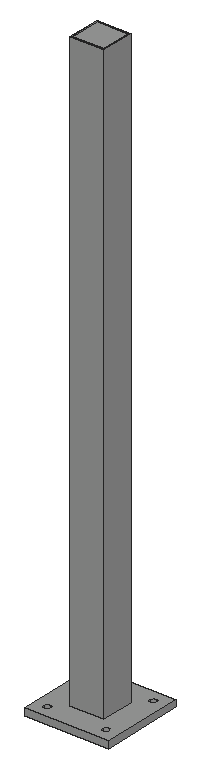
Revit family "Faux_Concrete_Panel_Post", category Specialty Equipment, Revit 2026
Family settings
  Round Connector Dimension = Use Diameter
  Part Type = Normal
  Classification Number = 23.55.00.00
  Work Plane-Based = No
  Enable Cutting in Views = No
  Always vertical = No
  Cut with Voids When Loaded = No
  Maintain Annotation Orientation = No
  Shared = No
  Room Calculation Point = No
Parameters (values of type "Assembly")
  Warranty URL = "https://palmshieldlouvers.com/wp-content/uploads/2020/01/PalmSHIELD-Warranty-NO-SIGN-LINE.pdf"
  Version = "2020 - v1.0a"  # constant formula
  URL = "https://palmshieldlouvers.com/"
  Product Page URL = "https://palmshieldlouvers.com/products/brick-infill/"
  Product Documentation Link = "Contact Manufacturer for More Information"
  Model = "Faux Concrete"  # constant formula
  Material = Metal - PalmSHIELD - Dusty Grey
  Manufacturer Phone Number = "531-329-4406 "  # constant formula
  Manufacturer Email = "mailto: info@palmshieldlouvers.com"
  Manufacturer Address = "12330 Cary Circle, La Vista, NE 68128"  # constant formula
  Manufacturer = "PalmSHIELD"  # constant formula
  Keynote = "05 10 00"
  Instruction Sheet Link = "https://palmshieldlouvers.com/wp-content/uploads/2020/01/PalmSHIELD-Post-Panel-Gate-Installation-Instructions-REV-1.pdf"
  ID [instance] = "Not Assigned"
  Height [instance] = if(Desired Overall Height < C Min Height, C Min Height, if(Desired Overall Height > C Max Height, C Max Height, Desired Overall Height))  # 6' - 0"
  Desired Overall Height [instance] = 6' - 0"
  Description = "Faux Concrete - Square Post"  # constant formula
  Default Elevation = 0' - 0"
  Copyright = "Copyright ©2024 The American Fence Company and PalmSHIELD. All Rights Reserved."  # constant formula
  Component Vis [instance] = yes
  Component Name [instance] = "Faux Concrete - Square Post"  # constant formula
  C Post Width = 0' - 4"  # constant formula
  C Min Height [instance] = 3' - 4"  # constant formula
  C Max Height [instance] = 12' - 0"  # constant formula
  Assembly Code = "F1020100"
Reference planes (in)
  plane 1 "Center (Front/Back)": y = 0
  plane 2: z = 0
  plane 3 "Center (Left/Right)": x = 0
  plane 4: z = 72
  plane 5: y = 2
  plane 6: y = -2
  plane 7: x = 2
  plane 8: x = -2
Lines and regions (in)
  reference lines
    curve 1: line (-24.29961, 0, 72) -> (24.70039, 0, 72)
Dimensions and locks (in)
  "Desired Overall Height": curve 1 to plane 2
  "Height": plane 4 to plane 2
  equal spacing: plane 8, plane 3 "Center (Left/Right)", plane 7
  equal spacing: plane 5, plane 1 "Center (Front/Back)", plane 6
  "C Post Width": plane 5 to plane 6
  "C Post Width": plane 8 to plane 7
  aligned and locked: plane 2 to level
Automatic sketch dimensions
  curve 1 to plane 8 = 1' - 10.29961"
  curve 1 to plane 7 = 1' - 10.70039"
Nested families (in)
  nested 1: "Screening-Louver-Assembly-Post-Palmshield-Faux_Concrete" at (0, 0, 0), Desired Overall Height <- "Desired Overall Height", ID <- "ID", Component Vis <- "Component Vis", type "Assembly"
    with Overall Height 6' - 0", ID "Not Assigned", Desired Overall Height 6' - 0", Component Vis yes, Component Name "Faux Concrete - Post Assembly"
  nested 2: "Nested_Component-Base_Plate-Palmshield-Faux_Concrete" at (0, 0, 0), type "10" x 10" x 3/4""
    with Material Metal - PalmSHIELD - Dusty Grey, ID "Not Assigned", Component Name "Faux Brick - Aluminum - Base Plate"
  nested 3: "Nested_Component-Square_Post-Aluminum-Palmshield-Faux_Concrete" at (0, 0, 0.75), type "4" X 4" X 1/8" SQ. TUBE"
    with Material Metal - PalmSHIELD - Dusty Grey, Length 5' - 11 1/4", ID "Not Assigned", Component Name "Faux Brick - Aluminum - Square Post"
  nested 4: "Nested_Component-Top_Cap-Palmshield-Faux_Concrete" at (0, 0, 72) x (1, 0, 0) z (0, 0, -1), type "3 3/4" x 3 3/4" x 1/8""
    with Material Metal - PalmSHIELD - Dusty Grey, ID "Not Assigned", Component Name "Faux Brick - Aluminum - Square Top Cap"
Definition of nested family "Nested_Component-Base_Plate-Palmshield-Faux_Concrete"
  Parameters (values of type "10" x 10" x 3/4"")
    Width = if(Constraints = 1, 0' 10", 1' 2")  # 0' - 10"
    Warranty URL = "https://palmshieldlouvers.com/wp-content/uploads/2020/01/PalmSHIELD-Warranty-NO-SIGN-LINE.pdf"
    Version = "2020 - v1.0a"  # constant formula
    URL = "https://palmshieldlouvers.com/"
    Thickness = 0' - 0 3/4"  # constant formula
    Product Page URL = "https://palmshieldlouvers.com/products/brick-infill/"
    Product Documentation Link = "Contact Manufacturer for More Information"
    Model = "Faux Brick"  # constant formula
    Material [instance] = none
    Manufacturer Phone Number = "531-329-4406 "  # constant formula
    Manufacturer Fax Number = "Consult Manufacturer Website for More Information"  # constant formula
    Manufacturer Email = "mailto: info@palmshieldlouvers.com"
    Manufacturer Address = "12330 Cary Circle, La Vista, NE 68128"  # constant formula
    Manufacturer = "PalmSHIELD"  # constant formula
    Keynote = "05 10 00"
    Instruction Sheet Link = "http://palmshieldlouvers.com/wp-content/uploads/2020/01/PalmSHIELD-Post-Panel-Gate-Installation-Instructions-REV-1.pdf"
    ID [instance] = ""
    Hole Diameter = 0' - 0 3/4"  # constant formula
    Height = 0' - 10"  # constant formula
    Description = "Faux Brick - Base Plate"  # constant formula
    Default Elevation = 4' - 0"
    Copyright = "Copyright ©2024 The American Fence Company and PalmSHIELD. All Rights Reserved."  # constant formula
    Constraints = 1
    Component Name [instance] = "Faux Brick - Aluminum - Base Plate"  # constant formula
    C Hole Offset = 0' - 1 1/2"  # constant formula
    Assembly Code = "F1020100"
  Reference planes (in)
    plane 1 "Center (Front/Back)": y = 0
    plane 2: z = 0
    plane 3 "Center (Left/Right)": x = 0
    plane 4: y = 5
    plane 5: x = 5
    plane 6: y = -5
    plane 7: x = -5
    plane 8: z = 0.75
  Forms (in)
    Extrusion 1, solid
      sketch origin (0, 0, 0) x (1, 0, 0) y (0, 1, 0)
        loop
          line (-48, 48) -> (-48, -48) -> (48, -48) -> (48, 48) -> (-48, 48)
      from 0 to -12
    Extrusion 2, solid, material <- "Material"
      sketch origin (0, 0, 0) x (1, 0, 0) y (0, 1, 0)
        loop
          line (-5, 5) -> (-5, -5) -> (5, -5) -> (5, 5) -> (-5, 5)
        loop
          circle (-3.5, 3.5) r 0.375
        loop
          circle (3.5, 3.5) r 0.375
        loop
          circle (-3.5, -3.5) r 0.375
        loop
          circle (3.5, -3.5) r 0.375
      from 0 to 0.75
  Dimensions and locks (in)
    equal spacing: plane 7, plane 3 "Center (Left/Right)", plane 5
    equal spacing: plane 4, plane 1 "Center (Front/Back)", plane 6
    "Width": plane 7 to plane 5
    "Height": plane 4 to plane 6
    "C Hole Offset": plane 7 to Extrusion 2 sketch curve  (x2)
    "C Hole Offset": Extrusion 2 sketch curve to plane 5  (x2)
    "C Hole Offset": plane 4 to Extrusion 2 sketch curve  (x2)
    "C Hole Offset": plane 6 to Extrusion 2 sketch curve  (x2)
    "Thickness": plane 8 to plane 2
    "Width": Extrusion 2 to Extrusion 2
    "Hole Diameter": diameter of Extrusion 2 sketch curve  (x4)
    aligned and locked: plane 2 to Extrusion 1
    aligned and locked: level to Extrusion 1
    aligned and locked: Extrusion 2 sketch curve to plane 4
    aligned and locked: plane 7 to Extrusion 2 sketch curve
    aligned and locked: Extrusion 2 sketch curve to plane 6
    aligned and locked: Extrusion 2 sketch curve to plane 5
    aligned and locked: plane 8 to Extrusion 2
  Automatic sketch dimensions
    Extrusion 1 sketch curve to Extrusion 1 sketch curve = 8' - 0"  (x2)
Definition of nested family "Nested_Component-Square_Post-Aluminum-Palmshield-Faux_Concrete"
  Parameters (values of type "4" X 4" X 1/8" SQ. TUBE")
    Width = 0' - 4"  # constant formula
    Warranty URL = "https://palmshieldlouvers.com/wp-content/uploads/2020/01/PalmSHIELD-Warranty-NO-SIGN-LINE.pdf"
    Version = "2020 - v1.0a"  # constant formula
    URL = "https://palmshieldlouvers.com/"
    Thickness = 0' - 0 1/8"  # constant formula
    Product Page URL = "https://palmshieldlouvers.com/products/brick-infill/"
    Product Documentation Link = "Contact Manufacturer for More Information"
    Model = "Faux Brick"  # constant formula
    Material [instance] = none
    Manufacturer Phone Number = "531-329-4406 "  # constant formula
    Manufacturer Fax Number = "Consult Manufacturer Website for More Information"  # constant formula
    Manufacturer Email = "mailto: info@palmshieldlouvers.com"
    Manufacturer Address = "12330 Cary Circle, La Vista, NE 68128"  # constant formula
    Manufacturer = "PalmSHIELD"  # constant formula
    Length [instance] = 4' - 4.86713"
    Keynote = "05 10 00"
    Instruction Sheet Link = "http://palmshieldlouvers.com/wp-content/uploads/2020/01/PalmSHIELD-Post-Panel-Gate-Installation-Instructions-REV-1.pdf"
    ID [instance] = ""
    Description = "Faux Brick - Post"  # constant formula
    Default Elevation = 4' - 0"
    Copyright = "Copyright ©2024 The American Fence Company and PalmSHIELD. All Rights Reserved."  # constant formula
    Component Name [instance] = "Faux Brick - Aluminum - Square Post"  # constant formula
    Assembly Code = "F1020100"
  Reference planes (in)
    plane 1 "Center (Front/Back)": y = 0
    plane 2: z = 0
    plane 3 "Center (Left/Right)": x = 0
    plane 4: z = 52.86713
    plane 5: x = 2
    plane 6: x = -2
  Forms (in)
    Extrusion 1, solid
      sketch origin (0, 0, 0) x (1, 0, 0) y (0, 1, 0)
        loop
          line (-48, 48) -> (-48, -48) -> (48, -48) -> (48, 48) -> (-48, 48)
      from 0 to -12
    Sweep 2, solid, material <- "Material"
      path origin (0, 0, 0) x (0, 1, 0) y (0, 0, 1)
        loop
          line (0, 0) -> (0, 52.86713)
      profile "Profile-Palmshield-Square : 4" X 4" X 1/8" SQ. TUBE" origin (0, 0, 26.43357) x (0, -1, 0) y (1, 0, 0)
        loop
          line (1.875, 1.875) -> (-1.875, 1.875) -> (-1.875, -1.875) -> (1.875, -1.875) -> (1.875, 1.875)
        loop
          line (-2, -2) -> (2, -2) -> (2, 2) -> (-2, 2) -> (-2, -2)
  Dimensions and locks (in)
    "Length": plane 4 to plane 2
    equal spacing: plane 5, plane 3 "Center (Left/Right)", plane 6
    "Width": plane 5 to plane 6
    aligned and locked: plane 2 to Extrusion 1
    aligned and locked: level to Extrusion 1
    aligned and locked: plane 1 "Center (Front/Back)" to Sweep 2 sketch curve
    aligned and locked: plane 4 to Sweep 2 sketch curve
  Automatic sketch dimensions
    Extrusion 1 sketch curve to Extrusion 1 sketch curve = 8' - 0"  (x2)
    Sweep 2 sketch curve to level = 0' - 0"
Definition of nested family "Nested_Component-Top_Cap-Palmshield-Faux_Concrete"
  Parameters (values of type "3 3/4" x 3 3/4" x 1/8"")
    Width = 0' 4" - 2 * Thickness  # 0' - 3 3/4"
    Warranty URL = "https://palmshieldlouvers.com/wp-content/uploads/2020/01/PalmSHIELD-Warranty-NO-SIGN-LINE.pdf"
    Version = "2020 - v1.0a"  # constant formula
    URL = "https://palmshieldlouvers.com/"
    Thickness = 0' - 0 1/8"  # constant formula
    Product Page URL = "https://palmshieldlouvers.com/products/brick-infill/"
    Product Documentation Link = "Contact Manufacturer for More Information"
    Model = "Faux Brick"  # constant formula
    Material [instance] = none
    Manufacturer Phone Number = "531-329-4406 "  # constant formula
    Manufacturer Fax Number = "Consult Manufacturer Website for More Information"  # constant formula
    Manufacturer Email = "mailto: info@palmshieldlouvers.com"
    Manufacturer Address = "12330 Cary Circle, La Vista, NE 68128"  # constant formula
    Manufacturer = "PalmSHIELD"  # constant formula
    Keynote = "05 10 00"
    Instruction Sheet Link = "http://palmshieldlouvers.com/wp-content/uploads/2020/01/PalmSHIELD-Post-Panel-Gate-Installation-Instructions-REV-1.pdf"
    ID [instance] = ""
    Description = "Faux Brick - Top Cap"  # constant formula
    Default Elevation = 4' - 0"
    Copyright = "Copyright ©2024 The American Fence Company and PalmSHIELD. All Rights Reserved."  # constant formula
    Component Name [instance] = "Faux Brick - Aluminum - Square Top Cap"  # constant formula
    Assembly Code = "F1020100"
  Reference planes (in)
    plane 1 "Center (Front/Back)": y = 0
    plane 2: z = 0
    plane 3 "Center (Left/Right)": x = 0
    plane 4: y = 1.875
    plane 5: x = 1.875
    plane 6: y = -1.875
    plane 7: x = -1.875
    plane 8: z = 0.125
  Forms (in)
    Extrusion 1, solid
      sketch origin (0, 0, 0) x (1, 0, 0) y (0, 1, 0)
        loop
          line (-48, 48) -> (-48, -48) -> (48, -48) -> (48, 48) -> (-48, 48)
      from 0 to -12
    Extrusion 2, solid, material <- "Material"
      sketch origin (0, 0, 0) x (1, 0, 0) y (0, 1, 0)
        loop
          line (-1.875, 1.875) -> (-1.875, -1.875) -> (1.875, -1.875) -> (1.875, 1.875) -> (-1.875, 1.875)
      from 0 to 0.125
  Dimensions and locks (in)
    equal spacing: plane 7, plane 3 "Center (Left/Right)", plane 5
    equal spacing: plane 4, plane 1 "Center (Front/Back)", plane 6
    "Width": plane 7 to plane 5
    "Width": plane 4 to plane 6
    "Thickness": plane 8 to plane 2
    aligned and locked: plane 2 to Extrusion 1
    aligned and locked: level to Extrusion 1
    aligned and locked: Extrusion 2 sketch curve to plane 4
    aligned and locked: plane 7 to Extrusion 2 sketch curve
    aligned and locked: Extrusion 2 sketch curve to plane 6
    aligned and locked: Extrusion 2 sketch curve to plane 5
    aligned and locked: plane 8 to Extrusion 2
  Automatic sketch dimensions
    Extrusion 1 sketch curve to Extrusion 1 sketch curve = 8' - 0"  (x2)
Definition of nested family "Screening-Louver-Assembly-Post-Palmshield-Faux_Concrete"
  Parameters (values of type "Assembly")
    Width = 0' - 4"  # constant formula
    Warranty URL = "https://palmshieldlouvers.com/wp-content/uploads/2020/01/PalmSHIELD-Warranty-NO-SIGN-LINE.pdf"
    Version = "2020 - v1.0a"  # constant formula
    URL = "https://palmshieldlouvers.com/"
    Top Cap Thickness = 0' - 0 1/8"  # constant formula
    Product Page URL = "https://palmshieldlouvers.com/products/brick-infill/"
    Product Documentation Link = "Contact Manufacturer for More Information"
    Overall Height [instance] = if(Desired Overall Height < 3' 0", 3' 0", if(Desired Overall Height > 12' 0", 12' 0", Desired Overall Height))  # 6' - 0"
    Model = "Faux Concrete"  # constant formula
    Material = none
    Manufacturer Phone Number = "531-329-4406 "  # constant formula
    Manufacturer Fax Number = "Consult Manufacturer Website for More Information"  # constant formula
    Manufacturer Email = "mailto: info@palmshieldlouvers.com"
    Manufacturer Address = "12330 Cary Circle, La Vista, NE 68128"  # constant formula
    Manufacturer = "PalmSHIELD"  # constant formula
    Keynote = "05 10 00"
    Instruction Sheet Link = "https://palmshieldlouvers.com/wp-content/uploads/2020/01/PalmSHIELD-Post-Panel-Gate-Installation-Instructions-REV-1.pdf"
    ID [instance] = "Not Assigned"
    Desired Overall Height [instance] = 6' - 0"
    Description = "Faux Concrete"  # constant formula
    Default Elevation = 4' - 0"
    Copyright = "Copyright ©2024 The American Fence Company and PalmSHIELD. All Rights Reserved."  # constant formula
    Component Vis [instance] = yes
    Component Name [instance] = "Faux Concrete - Post Assembly"  # constant formula
    Base Plate Thickness = 0' - 0 3/4"  # constant formula
    Assembly Code = "F1020100"
  Reference planes (in)
    plane 1 "Center (Front/Back)": y = 0
    plane 2: z = 0
    plane 3 "Center (Left/Right)": x = 0
    plane 4: x = 2
    plane 5: x = -2
    plane 6: z = 72
    plane 7: z = 2
  Forms (in)
    Extrusion 1, solid
      sketch origin (0, 0, 0) x (1, 0, 0) y (0, 1, 0)
        loop
          line (-48, 48) -> (-48, -48) -> (48, -48) -> (48, 48) -> (-48, 48)
      from 0 to -12
  Lines and regions (in)
    reference lines
      curve 1: line (-64.16684, 0, 72) -> (79.83316, 0, 72)
  Dimensions and locks (in)
    equal spacing: plane 4, plane 3 "Center (Left/Right)", plane 5
    "Width": plane 4 to plane 5
    plane 7 to plane 2 = 0' - 2"
    "Overall Height": plane 6 to plane 2
    "Desired Overall Height": curve 1 to plane 2
    plane 3 "Center (Left/Right)" to nested 2 = 0' - 0"
    plane 3 "Center (Left/Right)" to nested 3 = 0' - 0"
    aligned and locked: plane 2 to Extrusion 1
    aligned and locked: level to Extrusion 1
    aligned and locked: plane 1 "Center (Front/Back)" to nested 1
    aligned and locked: plane 1 "Center (Front/Back)" to nested 3
    aligned and locked: plane 6 to nested 2
    aligned and locked: plane 3 "Center (Left/Right)" to nested 1
  Automatic sketch dimensions
    Extrusion 1 sketch curve to Extrusion 1 sketch curve = 8' - 0"  (x2)
    curve 1 to plane 5 = 5' - 2.16684"
    plane 4 to curve 1 = 6' - 5.83316"
  Nested families (in)
    nested 1: "Nested_Component-Base_Plate-Palmshield-Faux_Concrete" at (0, 0, 0), ID <- "ID", Material <- "Material", visible <- "Component Vis", type "10" x 10" x 3/4""
      with Material none, ID "Not Assigned", Component Name "Faux Brick - Aluminum - Base Plate"
    nested 2: "Nested_Component-Square_Post-Aluminum-Palmshield-Faux_Concrete" at (0, 0, 0.75), ID <- "ID", Material <- "Material", visible <- "Component Vis", type "4" X 4" X 1/8" SQ. TUBE"
      with Material none, Length 5' - 11 1/4", ID "Not Assigned", Component Name "Faux Brick - Aluminum - Square Post"
    nested 3: "Nested_Component-Top_Cap-Palmshield-Faux_Concrete" at (0, 0, 72) x (1, 0, 0) z (0, 0, -1), ID <- "ID", Material <- "Material", visible <- "Component Vis", type "3 3/4" x 3 3/4" x 1/8""
      with Material none, ID "Not Assigned", Component Name "Faux Brick - Aluminum - Square Top Cap"
  Definition of nested family "Nested_Component-Base_Plate-Palmshield-Faux_Concrete"
    Parameters (values of type "10" x 10" x 3/4"")
      Width = if(Constraints = 1, 0' 10", 1' 2")  # 0' - 10"
      Warranty URL = "https://palmshieldlouvers.com/wp-content/uploads/2020/01/PalmSHIELD-Warranty-NO-SIGN-LINE.pdf"
      Version = "2020 - v1.0a"  # constant formula
      URL = "https://palmshieldlouvers.com/"
      Thickness = 0' - 0 3/4"  # constant formula
      Product Page URL = "https://palmshieldlouvers.com/products/brick-infill/"
      Product Documentation Link = "Contact Manufacturer for More Information"
      Model = "Faux Brick"  # constant formula
      Material [instance] = none
      Manufacturer Phone Number = "531-329-4406 "  # constant formula
      Manufacturer Fax Number = "Consult Manufacturer Website for More Information"  # constant formula
      Manufacturer Email = "mailto: info@palmshieldlouvers.com"
      Manufacturer Address = "12330 Cary Circle, La Vista, NE 68128"  # constant formula
      Manufacturer = "PalmSHIELD"  # constant formula
      Keynote = "05 10 00"
      Instruction Sheet Link = "http://palmshieldlouvers.com/wp-content/uploads/2020/01/PalmSHIELD-Post-Panel-Gate-Installation-Instructions-REV-1.pdf"
      ID [instance] = ""
      Hole Diameter = 0' - 0 3/4"  # constant formula
      Height = 0' - 10"  # constant formula
      Description = "Faux Brick - Base Plate"  # constant formula
      Default Elevation = 4' - 0"
      Copyright = "Copyright ©2024 The American Fence Company and PalmSHIELD. All Rights Reserved."  # constant formula
      Constraints = 1
      Component Name [instance] = "Faux Brick - Aluminum - Base Plate"  # constant formula
      C Hole Offset = 0' - 1 1/2"  # constant formula
      Assembly Code = "F1020100"
    Reference planes (in)
      plane 1 "Center (Front/Back)": y = 0
      plane 2: z = 0
      plane 3 "Center (Left/Right)": x = 0
      plane 4: y = 5
      plane 5: x = 5
      plane 6: y = -5
      plane 7: x = -5
      plane 8: z = 0.75
    Forms (in)
      Extrusion 1, solid
        sketch origin (0, 0, 0) x (1, 0, 0) y (0, 1, 0)
          loop
            line (-48, 48) -> (-48, -48) -> (48, -48) -> (48, 48) -> (-48, 48)
        from 0 to -12
      Extrusion 2, solid, material <- "Material"
        sketch origin (0, 0, 0) x (1, 0, 0) y (0, 1, 0)
          loop
            line (-5, 5) -> (-5, -5) -> (5, -5) -> (5, 5) -> (-5, 5)
          loop
            circle (-3.5, 3.5) r 0.375
          loop
            circle (3.5, 3.5) r 0.375
          loop
            circle (-3.5, -3.5) r 0.375
          loop
            circle (3.5, -3.5) r 0.375
        from 0 to 0.75
    Dimensions and locks (in)
      equal spacing: plane 7, plane 3 "Center (Left/Right)", plane 5
      equal spacing: plane 4, plane 1 "Center (Front/Back)", plane 6
      "Width": plane 7 to plane 5
      "Height": plane 4 to plane 6
      "C Hole Offset": plane 7 to Extrusion 2 sketch curve  (x2)
      "C Hole Offset": Extrusion 2 sketch curve to plane 5  (x2)
      "C Hole Offset": plane 4 to Extrusion 2 sketch curve  (x2)
      "C Hole Offset": plane 6 to Extrusion 2 sketch curve  (x2)
      "Thickness": plane 8 to plane 2
      "Width": Extrusion 2 to Extrusion 2
      "Hole Diameter": diameter of Extrusion 2 sketch curve  (x4)
      aligned and locked: plane 2 to Extrusion 1
      aligned and locked: level to Extrusion 1
      aligned and locked: Extrusion 2 sketch curve to plane 4
      aligned and locked: plane 7 to Extrusion 2 sketch curve
      aligned and locked: Extrusion 2 sketch curve to plane 6
      aligned and locked: Extrusion 2 sketch curve to plane 5
      aligned and locked: plane 8 to Extrusion 2
    Automatic sketch dimensions
      Extrusion 1 sketch curve to Extrusion 1 sketch curve = 8' - 0"  (x2)
  Definition of nested family "Nested_Component-Square_Post-Aluminum-Palmshield-Faux_Concrete"
    Parameters (values of type "4" X 4" X 1/8" SQ. TUBE")
      Width = 0' - 4"  # constant formula
      Warranty URL = "https://palmshieldlouvers.com/wp-content/uploads/2020/01/PalmSHIELD-Warranty-NO-SIGN-LINE.pdf"
      Version = "2020 - v1.0a"  # constant formula
      URL = "https://palmshieldlouvers.com/"
      Thickness = 0' - 0 1/8"  # constant formula
      Product Page URL = "https://palmshieldlouvers.com/products/brick-infill/"
      Product Documentation Link = "Contact Manufacturer for More Information"
      Model = "Faux Brick"  # constant formula
      Material [instance] = none
      Manufacturer Phone Number = "531-329-4406 "  # constant formula
      Manufacturer Fax Number = "Consult Manufacturer Website for More Information"  # constant formula
      Manufacturer Email = "mailto: info@palmshieldlouvers.com"
      Manufacturer Address = "12330 Cary Circle, La Vista, NE 68128"  # constant formula
      Manufacturer = "PalmSHIELD"  # constant formula
      Length [instance] = 4' - 4.86713"
      Keynote = "05 10 00"
      Instruction Sheet Link = "http://palmshieldlouvers.com/wp-content/uploads/2020/01/PalmSHIELD-Post-Panel-Gate-Installation-Instructions-REV-1.pdf"
      ID [instance] = ""
      Description = "Faux Brick - Post"  # constant formula
      Default Elevation = 4' - 0"
      Copyright = "Copyright ©2024 The American Fence Company and PalmSHIELD. All Rights Reserved."  # constant formula
      Component Name [instance] = "Faux Brick - Aluminum - Square Post"  # constant formula
      Assembly Code = "F1020100"
    Reference planes (in)
      plane 1 "Center (Front/Back)": y = 0
      plane 2: z = 0
      plane 3 "Center (Left/Right)": x = 0
      plane 4: z = 52.86713
      plane 5: x = 2
      plane 6: x = -2
    Forms (in)
      Extrusion 1, solid
        sketch origin (0, 0, 0) x (1, 0, 0) y (0, 1, 0)
          loop
            line (-48, 48) -> (-48, -48) -> (48, -48) -> (48, 48) -> (-48, 48)
        from 0 to -12
      Sweep 2, solid, material <- "Material"
        path origin (0, 0, 0) x (0, 1, 0) y (0, 0, 1)
          loop
            line (0, 0) -> (0, 52.86713)
        profile "Profile-Palmshield-Square : 4" X 4" X 1/8" SQ. TUBE" origin (0, 0, 26.43357) x (0, -1, 0) y (1, 0, 0)
          loop
            line (1.875, 1.875) -> (-1.875, 1.875) -> (-1.875, -1.875) -> (1.875, -1.875) -> (1.875, 1.875)
          loop
            line (-2, -2) -> (2, -2) -> (2, 2) -> (-2, 2) -> (-2, -2)
    Dimensions and locks (in)
      "Length": plane 4 to plane 2
      equal spacing: plane 5, plane 3 "Center (Left/Right)", plane 6
      "Width": plane 5 to plane 6
      aligned and locked: plane 2 to Extrusion 1
      aligned and locked: level to Extrusion 1
      aligned and locked: plane 1 "Center (Front/Back)" to Sweep 2 sketch curve
      aligned and locked: plane 4 to Sweep 2 sketch curve
    Automatic sketch dimensions
      Extrusion 1 sketch curve to Extrusion 1 sketch curve = 8' - 0"  (x2)
      Sweep 2 sketch curve to level = 0' - 0"
  Definition of nested family "Nested_Component-Top_Cap-Palmshield-Faux_Concrete"
    Parameters (values of type "3 3/4" x 3 3/4" x 1/8"")
      Width = 0' 4" - 2 * Thickness  # 0' - 3 3/4"
      Warranty URL = "https://palmshieldlouvers.com/wp-content/uploads/2020/01/PalmSHIELD-Warranty-NO-SIGN-LINE.pdf"
      Version = "2020 - v1.0a"  # constant formula
      URL = "https://palmshieldlouvers.com/"
      Thickness = 0' - 0 1/8"  # constant formula
      Product Page URL = "https://palmshieldlouvers.com/products/brick-infill/"
      Product Documentation Link = "Contact Manufacturer for More Information"
      Model = "Faux Brick"  # constant formula
      Material [instance] = none
      Manufacturer Phone Number = "531-329-4406 "  # constant formula
      Manufacturer Fax Number = "Consult Manufacturer Website for More Information"  # constant formula
      Manufacturer Email = "mailto: info@palmshieldlouvers.com"
      Manufacturer Address = "12330 Cary Circle, La Vista, NE 68128"  # constant formula
      Manufacturer = "PalmSHIELD"  # constant formula
      Keynote = "05 10 00"
      Instruction Sheet Link = "http://palmshieldlouvers.com/wp-content/uploads/2020/01/PalmSHIELD-Post-Panel-Gate-Installation-Instructions-REV-1.pdf"
      ID [instance] = ""
      Description = "Faux Brick - Top Cap"  # constant formula
      Default Elevation = 4' - 0"
      Copyright = "Copyright ©2024 The American Fence Company and PalmSHIELD. All Rights Reserved."  # constant formula
      Component Name [instance] = "Faux Brick - Aluminum - Square Top Cap"  # constant formula
      Assembly Code = "F1020100"
    Reference planes (in)
      plane 1 "Center (Front/Back)": y = 0
      plane 2: z = 0
      plane 3 "Center (Left/Right)": x = 0
      plane 4: y = 1.875
      plane 5: x = 1.875
      plane 6: y = -1.875
      plane 7: x = -1.875
      plane 8: z = 0.125
    Forms (in)
      Extrusion 1, solid
        sketch origin (0, 0, 0) x (1, 0, 0) y (0, 1, 0)
          loop
            line (-48, 48) -> (-48, -48) -> (48, -48) -> (48, 48) -> (-48, 48)
        from 0 to -12
      Extrusion 2, solid, material <- "Material"
        sketch origin (0, 0, 0) x (1, 0, 0) y (0, 1, 0)
          loop
            line (-1.875, 1.875) -> (-1.875, -1.875) -> (1.875, -1.875) -> (1.875, 1.875) -> (-1.875, 1.875)
        from 0 to 0.125
    Dimensions and locks (in)
      equal spacing: plane 7, plane 3 "Center (Left/Right)", plane 5
      equal spacing: plane 4, plane 1 "Center (Front/Back)", plane 6
      "Width": plane 7 to plane 5
      "Width": plane 4 to plane 6
      "Thickness": plane 8 to plane 2
      aligned and locked: plane 2 to Extrusion 1
      aligned and locked: level to Extrusion 1
      aligned and locked: Extrusion 2 sketch curve to plane 4
      aligned and locked: plane 7 to Extrusion 2 sketch curve
      aligned and locked: Extrusion 2 sketch curve to plane 6
      aligned and locked: Extrusion 2 sketch curve to plane 5
      aligned and locked: plane 8 to Extrusion 2
    Automatic sketch dimensions
      Extrusion 1 sketch curve to Extrusion 1 sketch curve = 8' - 0"  (x2)
